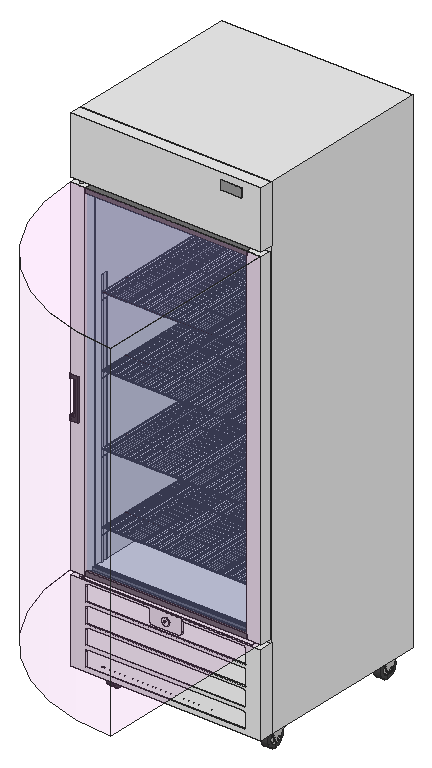
Revit family "QF_Summit_ACR261LH_General_Purpose_Healthcare_All_Refrigerator", category Specialty Equipment, Revit 2020
Family settings
  Round Connector Dimension = Use Diameter
  Part Type = Normal
  Work Plane-Based = No
  Always vertical = Yes
  Cut with Voids When Loaded = No
  Shared = No
  Room Calculation Point = No
Parameters
  Weight in Pounds = 280
  Watts = if(Phase = 3, Volts * FL Amps * 1.73, Volts * FL Amps)  # 368 W
  Volts = 115 V
  URL Cutsheet = ""
  Specification by User = ""
  Specification by Manufacturer = ""
  Show RHD [instance] = yes
  Show LHD [instance] = not(Show RHD)  # no
  Show Clearance [instance] = yes
  Serial Number = ""
  Seismic Rating = ""
  SMACNA No = ""
  Revision Code = ""
  Phase = 1
  Number of Poles = 1
  NAFEM Spec ID Number = ""
  Model = "ACR261LH"
  Min Ckt Ampacity = 0 A
  Max Overcurrent Protection = 0 A
  Masterspec = ""
  Manufacturer = "Summit"
  Length = 29 7/8"
  Item Number = ""
  Installed By = ""
  Identify Quantity as Lot = yes
  Height = 81 3/4"
  HP = ""
  Furnished By = ""
  Foodservice Equipment Identifier = yes
  FL Amps = 3.2 A
  Electrical Remarks = ""
  Electric Connection Type = ""
  Elec Conn RI Height = 0"
  Elec Conn Connection Height = 0"
  Description = "General Purpose Healthcare All-Refrigerator"
  Depth = 29 5/8"
  Default Elevation = 0"
  Cycle = 60 Hz
  Conn Plug = ""
  Conn Conduit = yes
  CSI MasterFormat = ""
  Apparent Power = if(Phase = 3, Volts * FL Amps * 1.73, Volts * FL Amps)  # 368 VA
Reference planes (in)
  plane 1 "BACK": y = 0
  plane 2: z = 0
  plane 3 "LEFT": x = 0
  plane 4 "RIGHT": x = 29.875
  plane 5 "FRONT": y = -29.625
  plane 6 "TOP": z = 81.75
  plane 7 "Center Y": x = 14.9375
  plane 8 "Center X": y = -14.8125
  plane 9: y = -59
  plane 10 "Base Height": z = 3.75
  plane 11: y = 0.75
  plane 12: z = 72.75
  plane 13: z = 17
  plane 14: y = -27.625
  plane 15: z = 72.125
  plane 16: z = 17.625
  plane 17 "BACK": y = 0
  plane 18 "LEFT": x = 0
  plane 19 "RIGHT": x = 29.875
  plane 20 "Center Y": x = 14.9375
  plane 21 "Center X": y = -14.8125
  plane 22: y = -27.625
  plane 23: z = 17.625
Forms (in)
  Extrusion 1, solid, material "QF_Metallic_Paint_White_Smooth"
    sketch origin (0, 0, 3.75) x (-1, 0, 0) y (0, -1, 0)
      loop
        line (0, 0) -> (0, 27.6285) -> (-29.875, 27.6285) -> (-29.875, 0) -> (0, 0)
    from 0.5 to 14.625
  Extrusion 2, solid, material "QF_Metallic_Paint_White_Smooth"
    sketch origin (0, 0, 18.375) x (-1, 0, 0) y (0, -1, 0)
      loop
        line (0, 0) -> (0, 27.6285) -> (-2.3125, 27.6285) -> (-2.3125, 2.625) -> (-27.5625, 2.625) -> (-27.5625, 27.6285) -> (-29.875, 27.6285) -> (-29.875, 0) -> (0, 0)
    from 0 to 63.375
  Extrusion 3, solid, material "QF_Metallic_Paint_White_Smooth"
    sketch origin (27.5625, -27.6285, 72.125) x (1, 0, 0) y (0, 1, 0)
      loop
        line (-27.5625, 0.0035) -> (-27.5625, -1.9965) -> (2.3125, -1.9965) -> (2.3125, 0.0035) -> (-27.5625, 0.0035)
    from 0.625 to 9.625
  Extrusion 4, solid, material "QF_Metallic_Paint_White_Smooth"
    sketch origin (29.875, -27.6285, 3.75) x (-1, 0, 0) y (0, 0, -1)
      loop
        line (29.875, -13.25) -> (29.875, -0.5) -> (28.25, -0.5) -> (28.25, -13.25) -> (29.875, -13.25)
      loop
        line (0, -0.5) -> (0, -13.25) -> (1.625, -13.25) -> (1.625, -0.5) -> (0, -0.5)
    from 0 to 1.9965
  Extrusion 5, solid, material "QF_Metallic_Paint_White_Smooth"
    sketch origin (1.625, -27.6285, 17) x (0, 0, -1) y (0, 1, 0)
      loop
        line (0, -1.7465) -> (0.3125, -1.7465) -> (0.3125, -0.9965) -> (2.9375, -1.7465) -> (2.9375, -0.9965) -> (6, -1.7465) -> (6, -0.9965) -> (9.0625, -1.7465) -> (9.0625, -0.9965) -> (12.125, -1.7465) -> (12.75, -1.7465) -> (12.75, 0) -> (0, 0) -> (0, -1.7465)
    from 0 to 26.625
  Extrusion 6, solid, material "QF_Metallic_Paint_White_Smooth", visible <- "Show LHD"
    sketch origin (0, -27.6285, 18.375) x (1, 0, 0) y (0, 0, 1)
      loop
        line (0, 53.75) -> (0, -0.75) -> (2.3125, -0.75) -> (2.3125, 53.75) -> (0, 53.75)
      loop
        line (29.875, -0.75) -> (29.875, 53.75) -> (27.5625, 53.75) -> (27.5625, -0.75) -> (29.875, -0.75)
    from 0.3665 to 1.9965
  Extrusion 7, solid, material "QF_Rubber_Black_Smooth"
    sketch origin (0, -27.6285, 18.375) x (1, 0, 0) y (0, 0, 1)
      loop
        line (0.375, 53.375) -> (0.375, -0.375) -> (29.5, -0.375) -> (29.5, 53.375) -> (0.375, 53.375)
      loop
        line (0.75, 53) -> (0.75, 0) -> (29.125, 0) -> (29.125, 53) -> (0.75, 53)
    from 0 to 0.3665
  Extrusion 8, solid, material "Glass"
    sketch origin (0, -29.625, 18.375) x (1, 0, 0) y (0, 0, 1)
      loop
        line (2.3125, -0.375) -> (27.5625, -0.375) -> (27.5625, 53.375) -> (2.3125, 53.375) -> (2.3125, -0.375)
    from -0.375 to -1.255
  Extrusion 9, solid
    sketch origin (29.875, 0, 18.375) x (-1, 0, 0) y (0, 0, 1)
      loop
        circle (3.36372, -13.78099) r 0.25
    from 0 to 0.0625
  Extrusion 10, void
    sketch origin (0, -29.625, 18.375) x (1, 0, 0) y (0, 0, 1)
      loop
        line (30.16176, 26.29207) -> (29, 26.29207) -> (29, 21) -> (30.16176, 21) -> (30.16176, 26.29207)
    from -0.875 to 0.3741
  Extrusion 11, solid, material "QF_Clearances_Door_Drawer", visible <- "Show LHD"
    sketch origin (29.875, -27.6285, 17.625) x (0, 1, 0) y (1, 0, 0)
      loop
        arc (-1.9965, -0.00418) -> (-22.79736, -8.92771) -> (-31.3715, -29.875) r 29.875
        line (-31.3715, -29.875) -> (-1.9965, -29.875) -> (-1.9965, -0.00418)
    from 0 to -54.5
  Extrusion 12, solid, material "QF_Metallic_Paint_White_Smooth"
    sketch origin (29.875, -29.625, 3.75) x (-1, 0, 0) y (0, 0, -1)
      loop
        line (28.25, -13.25) -> (28.25, -0.5) -> (1.625, -0.5) -> (1.625, -13.25) -> (28.25, -13.25)
      loop
        line (12.4375, -12.9375) -> (12.4375, -11.25)
        arc (12.4375, -11.25) -> (12.58395, -10.89645) -> (12.9375, -10.75) r 0.5
        line (12.9375, -10.75) -> (16.9375, -10.75)
        arc (16.9375, -10.75) -> (17.29105, -10.89645) -> (17.4375, -11.25) r 0.5
        line (17.4375, -11.25) -> (17.4375, -12.9375) -> (27, -12.9375)
        arc (27, -12.9375) -> (27.35355, -12.79105) -> (27.5, -12.4375) r 0.5
        line (27.5, -12.4375) -> (27.5, -10.3125) -> (2.375, -10.3125) -> (2.375, -12.4375)
        arc (2.375, -12.4375) -> (2.52145, -12.79105) -> (2.875, -12.9375) r 0.5
        line (2.875, -12.9375) -> (12.4375, -12.9375)
      loop
        line (2.875, -9.875) -> (27, -9.875)
        arc (27, -9.875) -> (27.35355, -9.72855) -> (27.5, -9.375) r 0.5
        line (27.5, -9.375) -> (27.5, -7.25) -> (2.375, -7.25) -> (2.375, -9.375)
        arc (2.375, -9.375) -> (2.52145, -9.72855) -> (2.875, -9.875) r 0.5
      loop
        line (2.875, -6.8125) -> (27, -6.8125)
        arc (27, -6.8125) -> (27.35355, -6.66605) -> (27.5, -6.3125) r 0.5
        line (27.5, -6.3125) -> (27.5, -4.1875) -> (2.375, -4.1875) -> (2.375, -6.3125)
        arc (2.375, -6.3125) -> (2.52145, -6.66605) -> (2.875, -6.8125) r 0.5
      loop
        line (2.875, -3.75) -> (27, -3.75)
        arc (27, -3.75) -> (27.35355, -3.60355) -> (27.5, -3.25) r 0.5
        line (27.5, -3.25) -> (27.5, -1.125) -> (2.375, -1.125) -> (2.375, -3.25)
        arc (2.375, -3.25) -> (2.52145, -3.60355) -> (2.875, -3.75) r 0.5
    from 0 to -0.25
  Extrusion 13, solid, material "QF_Metallic_Paint_White_Smooth"
    sketch origin (2.3125, -2.625, 18.375) x (1, 0, 0) y (0, 0, 1)
      loop
        line (25.25, 62) -> (25.25, 63.375) -> (0, 63.375) -> (0, 62) -> (25.25, 62)
    from 0 to 25.0035
  Extrusion 14, solid, material "QF_Metallic_Paint_White_Smooth"
    sketch origin (29.875, -29.625, 3.75) x (-1, 0, 0) y (0, 0, -1)
      loop
        circle (14.9375, -11.92271) r 0.5625
      loop
        circle (14.9375, -11.92271) r 0.1875
    from 0 to 0.0625
  Extrusion 15, solid, material "QF_Metal - Stainless - Polished"
    sketch origin (35.78364, 0, 18.375) x (-1, 0, 0) y (0, 0, 1)
      loop
        line (15.65864, -1.6875) -> (13.90864, -1.6875) -> (13.90864, -3.4375) -> (15.65864, -3.4375) -> (15.65864, -1.6875)
    from 0 to 0.75
  Extrusion 16, solid, material "QF_Metallic_Paint_White_Smooth"
    sketch origin (0, 0, 4.25) x (0, -1, 0) y (-1, 0, 0)
      loop
        line (1, -1) -> (1, -28.875) -> (26.6285, -28.875) -> (26.6285, -1) -> (1, -1)
    from 0 to 0.5
  Revolve 17, solid, material "QF_Metal - Stainless - Polished"
    sketch origin (0, -28.81, 0) x (1, 0, 0) y (0, 0, 1)
      loop
        line (1.15625, 72.125) -> (1.15625, 72.75) -> (0.90625, 72.75) -> (0.90625, 72.125) -> (1.15625, 72.125)
      axis (1.15625, 72.75) -> (1.15625, 72.125)
    angle from 0 to 360
  Revolve 18, solid, material "QF_Metal - Stainless - Polished"
    sketch origin (0, -28.81, 89.75) x (1, 0, 0) y (0, 0, 1)
      loop
        line (1.15625, -72.125) -> (0.90625, -72.125) -> (0.90625, -72.75) -> (1.15625, -72.75) -> (1.15625, -72.125)
      axis (1.15625, -72.75) -> (1.15625, -72.125)
    angle from 0 to 360
  Extrusion 19, solid, material "QF_Metal_Black", visible <- "Show LHD"
    sketch origin (0, 0, 3.75) x (-1, 0, 0) y (0, -1, 0)
      loop
        line (-30, 28.25) -> (-29.875, 28.25) -> (-29.875, 29.5)
        arc (-29.875, 29.5) -> (-29.83839, 29.58839) -> (-29.75, 29.625) r 0.125
        line (-29.75, 29.625) -> (-28.568, 29.625) -> (-28.568, 29.75) -> (-29.75, 29.75)
        arc (-29.75, 29.75) -> (-29.92678, 29.67678) -> (-30, 29.5) r 0.25
        line (-30, 29.5) -> (-30, 28.25)
    from 35 to 41.5
  Extrusion 20, solid, material "QF_Rubber_Black_Smooth"
    sketch origin (2.3125, -27.6285, 17.625) x (0, 0, 1) y (0, -1, 0)
      loop
        line (0, 1.9965) -> (0, 0.3665) -> (0.75, 0.3665) -> (0.75, 0.7415) -> (0.375, 0.7415) -> (0.375, 1.6215) -> (0.75, 1.6215) -> (0.75, 1.9965) -> (0, 1.9965)
      loop
        line (54.5, 1.9965) -> (53.75, 1.9965) -> (53.75, 1.6215) -> (54.125, 1.6215) -> (54.125, 0.7415) -> (53.75, 0.7415) -> (53.75, 0.3665) -> (54.5, 0.3665) -> (54.5, 1.9965)
    from 0 to 25.25
  Extrusion 21, solid, material "QF_Plastic_Gray"
    sketch origin (29.875, -29.625, 72.125) x (-1, 0, 0) y (0, 0, -1)
      loop
        arc (3.11, -7.18125) -> (3.03222, -7.21347) -> (3, -7.29125) r 0.11
        line (3, -7.29125) -> (3, -8.515)
        arc (3, -8.515) -> (3.03222, -8.59278) -> (3.11, -8.625) r 0.11
        line (3.11, -8.625) -> (6.19, -8.625)
        arc (6.19, -8.625) -> (6.26778, -8.59278) -> (6.3, -8.515) r 0.11
        line (6.3, -8.515) -> (6.3, -7.29125)
        arc (6.3, -7.29125) -> (6.26778, -7.21347) -> (6.19, -7.18125) r 0.11
        line (6.19, -7.18125) -> (3.11, -7.18125)
    from 0 to 0.0625
  Extrusion 22, solid, material "QF_Metal - Stainless - Polished"
    sketch origin (0, 0, 18.375) x (-1, 0, 0) y (0, -1, 0)
      loop
        line (-2.3125, 26.6285) -> (-2.5625, 26.6285) -> (-2.5625, 26.5035) -> (-2.4375, 26.5035) -> (-2.4375, 25.7535) -> (-2.5625, 25.7535) -> (-2.5625, 25.6285) -> (-2.3125, 25.6285) -> (-2.3125, 26.6285)
      loop
        line (-2.3125, 3.625) -> (-2.3125, 4.625) -> (-2.5625, 4.625) -> (-2.5625, 4.5) -> (-2.4375, 4.5) -> (-2.4375, 3.75) -> (-2.5625, 3.75) -> (-2.5625, 3.625) -> (-2.3125, 3.625)
      loop
        line (-27.5625, 26.6285) -> (-27.5625, 25.6285) -> (-27.3125, 25.6285) -> (-27.3125, 25.7535) -> (-27.4375, 25.7535) -> (-27.4375, 26.5035) -> (-27.3125, 26.5035) -> (-27.3125, 26.6285) -> (-27.5625, 26.6285)
      loop
        line (-27.5625, 3.625) -> (-27.3125, 3.625) -> (-27.3125, 3.75) -> (-27.4375, 3.75) -> (-27.4375, 4.5) -> (-27.3125, 4.5) -> (-27.3125, 4.625) -> (-27.5625, 4.625) -> (-27.5625, 3.625)
    from 0 to 40.19271
  Extrusion 23, solid, material "QF_Metal - Stainless - Polished"
    sketch origin (2.3125, -25.7535, 18.375) x (1, 0, 0) y (0, 0, 1)
      loop
        arc (1.08839, 4.58654) -> (1.11548, 4.6271) -> (1.125, 4.67493) r 0.125
        line (1.125, 4.67493) -> (1.125, 4.79732)
        arc (1.125, 4.79732) -> (1.10669, 4.84152) -> (1.0625, 4.85982) r 0.0625
        line (1.0625, 4.85982) -> (0.125, 4.85982) -> (0.125, 3.62316) -> (1.08839, 4.58654)
      loop
        arc (1.08839, 15.59364) -> (1.11548, 15.6342) -> (1.125, 15.68203) r 0.125
        line (1.125, 15.68203) -> (1.125, 15.80442)
        arc (1.125, 15.80442) -> (1.10669, 15.84861) -> (1.0625, 15.86692) r 0.0625
        line (1.0625, 15.86692) -> (0.125, 15.86692) -> (0.125, 14.63025) -> (1.08839, 15.59364)
      loop
        arc (1.08839, 26.59607) -> (1.11548, 26.63662) -> (1.125, 26.68446) r 0.125
        line (1.125, 26.68446) -> (1.125, 26.80685)
        arc (1.125, 26.80685) -> (1.10669, 26.85104) -> (1.0625, 26.86935) r 0.0625
        line (1.0625, 26.86935) -> (0.125, 26.86935) -> (0.125, 25.63268) -> (1.08839, 26.59607)
      loop
        arc (1.08839, 37.59607) -> (1.11548, 37.63662) -> (1.125, 37.68446) r 0.125
        line (1.125, 37.68446) -> (1.125, 37.80685)
        arc (1.125, 37.80685) -> (1.10669, 37.85104) -> (1.0625, 37.86935) r 0.0625
        line (1.0625, 37.86935) -> (0.125, 37.86935) -> (0.125, 36.63268) -> (1.08839, 37.59607)
      loop
        line (24.16161, 4.58654) -> (25.125, 3.62316) -> (25.125, 4.85982) -> (24.1875, 4.85982)
        arc (24.1875, 4.85982) -> (24.14331, 4.84152) -> (24.125, 4.79732) r 0.0625
        line (24.125, 4.79732) -> (24.125, 4.67493)
        arc (24.125, 4.67493) -> (24.13452, 4.6271) -> (24.16161, 4.58654) r 0.125
      loop
        line (24.16161, 15.59364) -> (25.125, 14.63025) -> (25.125, 15.86692) -> (24.1875, 15.86692)
        arc (24.1875, 15.86692) -> (24.14331, 15.84861) -> (24.125, 15.80442) r 0.0625
        line (24.125, 15.80442) -> (24.125, 15.68203)
        arc (24.125, 15.68203) -> (24.13452, 15.6342) -> (24.16161, 15.59364) r 0.125
      loop
        line (24.16161, 26.59607) -> (25.125, 25.63268) -> (25.125, 26.86935) -> (24.1875, 26.86935)
        arc (24.1875, 26.86935) -> (24.14331, 26.85104) -> (24.125, 26.80685) r 0.0625
        line (24.125, 26.80685) -> (24.125, 26.68446)
        arc (24.125, 26.68446) -> (24.13452, 26.63662) -> (24.16161, 26.59607) r 0.125
      loop
        line (24.16161, 37.59607) -> (25.125, 36.63268) -> (25.125, 37.86935) -> (24.1875, 37.86935)
        arc (24.1875, 37.86935) -> (24.14331, 37.85104) -> (24.125, 37.80685) r 0.0625
        line (24.125, 37.80685) -> (24.125, 37.68446)
        arc (24.125, 37.68446) -> (24.13452, 37.63662) -> (24.16161, 37.59607) r 0.125
    from 0 to 0.75
  Extrusion 24, solid, material "QF_Metal - Stainless - Polished"
    sketch origin (2.3125, -3.75, 18.375) x (1, 0, 0) y (0, 0, 1)
      loop
        arc (1.08839, 4.58654) -> (1.11548, 4.6271) -> (1.125, 4.67493) r 0.125
        line (1.125, 4.67493) -> (1.125, 4.79732)
        arc (1.125, 4.79732) -> (1.10669, 4.84152) -> (1.0625, 4.85982) r 0.0625
        line (1.0625, 4.85982) -> (0.125, 4.85982) -> (0.125, 3.62316) -> (1.08839, 4.58654)
      loop
        arc (1.08839, 15.59364) -> (1.11548, 15.6342) -> (1.125, 15.68203) r 0.125
        line (1.125, 15.68203) -> (1.125, 15.80442)
        arc (1.125, 15.80442) -> (1.10669, 15.84861) -> (1.0625, 15.86692) r 0.0625
        line (1.0625, 15.86692) -> (0.125, 15.86692) -> (0.125, 14.63025) -> (1.08839, 15.59364)
      loop
        arc (1.08839, 26.59607) -> (1.11548, 26.63662) -> (1.125, 26.68446) r 0.125
        line (1.125, 26.68446) -> (1.125, 26.80685)
        arc (1.125, 26.80685) -> (1.10669, 26.85104) -> (1.0625, 26.86935) r 0.0625
        line (1.0625, 26.86935) -> (0.125, 26.86935) -> (0.125, 25.63268) -> (1.08839, 26.59607)
      loop
        arc (1.08839, 37.59607) -> (1.11548, 37.63662) -> (1.125, 37.68446) r 0.125
        line (1.125, 37.68446) -> (1.125, 37.80685)
        arc (1.125, 37.80685) -> (1.10669, 37.85104) -> (1.0625, 37.86935) r 0.0625
        line (1.0625, 37.86935) -> (0.125, 37.86935) -> (0.125, 36.63268) -> (1.08839, 37.59607)
      loop
        line (24.16161, 4.58654) -> (25.125, 3.62316) -> (25.125, 4.85982) -> (24.1875, 4.85982)
        arc (24.1875, 4.85982) -> (24.14331, 4.84152) -> (24.125, 4.79732) r 0.0625
        line (24.125, 4.79732) -> (24.125, 4.67493)
        arc (24.125, 4.67493) -> (24.13452, 4.6271) -> (24.16161, 4.58654) r 0.125
      loop
        line (24.16161, 15.59364) -> (25.125, 14.63025) -> (25.125, 15.86692) -> (24.1875, 15.86692)
        arc (24.1875, 15.86692) -> (24.14331, 15.84861) -> (24.125, 15.80442) r 0.0625
        line (24.125, 15.80442) -> (24.125, 15.68203)
        arc (24.125, 15.68203) -> (24.13452, 15.6342) -> (24.16161, 15.59364) r 0.125
      loop
        line (24.16161, 26.59607) -> (25.125, 25.63268) -> (25.125, 26.86935) -> (24.1875, 26.86935)
        arc (24.1875, 26.86935) -> (24.14331, 26.85104) -> (24.125, 26.80685) r 0.0625
        line (24.125, 26.80685) -> (24.125, 26.68446)
        arc (24.125, 26.68446) -> (24.13452, 26.63662) -> (24.16161, 26.59607) r 0.125
      loop
        line (24.16161, 37.59607) -> (25.125, 36.63268) -> (25.125, 37.86935) -> (24.1875, 37.86935)
        arc (24.1875, 37.86935) -> (24.14331, 37.85104) -> (24.125, 37.80685) r 0.0625
        line (24.125, 37.80685) -> (24.125, 37.68446)
        arc (24.125, 37.68446) -> (24.13452, 37.63662) -> (24.16161, 37.59607) r 0.125
    from 0 to 0.75
  Extrusion 25, solid, material "QF_Metal - Stainless - Polished", not visible
    sketch origin (0, 0, 18.375) x (-1, 0, 0) y (0, -1, 0)
      loop
        line (-2.3125, 26.6285) -> (-2.5625, 26.6285) -> (-2.5625, 26.5035) -> (-2.4375, 26.5035) -> (-2.4375, 25.7535) -> (-2.5625, 25.7535) -> (-2.5625, 25.6285) -> (-2.3125, 25.6285) -> (-2.3125, 26.6285)
      loop
        line (-2.3125, 3.625) -> (-2.3125, 4.625) -> (-2.5625, 4.625) -> (-2.5625, 4.5) -> (-2.4375, 4.5) -> (-2.4375, 3.75) -> (-2.5625, 3.75) -> (-2.5625, 3.625) -> (-2.3125, 3.625)
      loop
        line (-27.5625, 26.6285) -> (-27.5625, 25.6285) -> (-27.3125, 25.6285) -> (-27.3125, 25.7535) -> (-27.4375, 25.7535) -> (-27.4375, 26.5035) -> (-27.3125, 26.5035) -> (-27.3125, 26.6285) -> (-27.5625, 26.6285)
      loop
        line (-27.5625, 3.625) -> (-27.3125, 3.625) -> (-27.3125, 3.75) -> (-27.4375, 3.75) -> (-27.4375, 4.5) -> (-27.3125, 4.5) -> (-27.3125, 4.625) -> (-27.5625, 4.625) -> (-27.5625, 3.625)
    from 0 to 40.19271
  Extrusion 26, solid, material "QF_Metal - Stainless - Polished", not visible
    sketch origin (2.3125, -25.7535, 18.375) x (1, 0, 0) y (0, 0, 1)
      loop
        arc (1.08839, 4.58654) -> (1.11548, 4.6271) -> (1.125, 4.67493) r 0.125
        line (1.125, 4.67493) -> (1.125, 4.79732)
        arc (1.125, 4.79732) -> (1.10669, 4.84152) -> (1.0625, 4.85982) r 0.0625
        line (1.0625, 4.85982) -> (0.125, 4.85982) -> (0.125, 3.62316) -> (1.08839, 4.58654)
      loop
        arc (1.08839, 15.59364) -> (1.11548, 15.6342) -> (1.125, 15.68203) r 0.125
        line (1.125, 15.68203) -> (1.125, 15.80442)
        arc (1.125, 15.80442) -> (1.10669, 15.84861) -> (1.0625, 15.86692) r 0.0625
        line (1.0625, 15.86692) -> (0.125, 15.86692) -> (0.125, 14.63025) -> (1.08839, 15.59364)
      loop
        arc (1.08839, 26.59607) -> (1.11548, 26.63662) -> (1.125, 26.68446) r 0.125
        line (1.125, 26.68446) -> (1.125, 26.80685)
        arc (1.125, 26.80685) -> (1.10669, 26.85104) -> (1.0625, 26.86935) r 0.0625
        line (1.0625, 26.86935) -> (0.125, 26.86935) -> (0.125, 25.63268) -> (1.08839, 26.59607)
      loop
        arc (1.08839, 37.59607) -> (1.11548, 37.63662) -> (1.125, 37.68446) r 0.125
        line (1.125, 37.68446) -> (1.125, 37.80685)
        arc (1.125, 37.80685) -> (1.10669, 37.85104) -> (1.0625, 37.86935) r 0.0625
        line (1.0625, 37.86935) -> (0.125, 37.86935) -> (0.125, 36.63268) -> (1.08839, 37.59607)
      loop
        line (24.16161, 4.58654) -> (25.125, 3.62316) -> (25.125, 4.85982) -> (24.1875, 4.85982)
        arc (24.1875, 4.85982) -> (24.14331, 4.84152) -> (24.125, 4.79732) r 0.0625
        line (24.125, 4.79732) -> (24.125, 4.67493)
        arc (24.125, 4.67493) -> (24.13452, 4.6271) -> (24.16161, 4.58654) r 0.125
      loop
        line (24.16161, 15.59364) -> (25.125, 14.63025) -> (25.125, 15.86692) -> (24.1875, 15.86692)
        arc (24.1875, 15.86692) -> (24.14331, 15.84861) -> (24.125, 15.80442) r 0.0625
        line (24.125, 15.80442) -> (24.125, 15.68203)
        arc (24.125, 15.68203) -> (24.13452, 15.6342) -> (24.16161, 15.59364) r 0.125
      loop
        line (24.16161, 26.59607) -> (25.125, 25.63268) -> (25.125, 26.86935) -> (24.1875, 26.86935)
        arc (24.1875, 26.86935) -> (24.14331, 26.85104) -> (24.125, 26.80685) r 0.0625
        line (24.125, 26.80685) -> (24.125, 26.68446)
        arc (24.125, 26.68446) -> (24.13452, 26.63662) -> (24.16161, 26.59607) r 0.125
      loop
        line (24.16161, 37.59607) -> (25.125, 36.63268) -> (25.125, 37.86935) -> (24.1875, 37.86935)
        arc (24.1875, 37.86935) -> (24.14331, 37.85104) -> (24.125, 37.80685) r 0.0625
        line (24.125, 37.80685) -> (24.125, 37.68446)
        arc (24.125, 37.68446) -> (24.13452, 37.63662) -> (24.16161, 37.59607) r 0.125
    from 0 to 0.75
  Extrusion 27, solid, material "QF_Metal - Stainless - Polished", not visible
    sketch origin (2.3125, -3.75, 18.375) x (1, 0, 0) y (0, 0, 1)
      loop
        arc (1.08839, 4.58654) -> (1.11548, 4.6271) -> (1.125, 4.67493) r 0.125
        line (1.125, 4.67493) -> (1.125, 4.79732)
        arc (1.125, 4.79732) -> (1.10669, 4.84152) -> (1.0625, 4.85982) r 0.0625
        line (1.0625, 4.85982) -> (0.125, 4.85982) -> (0.125, 3.62316) -> (1.08839, 4.58654)
      loop
        arc (1.08839, 15.59364) -> (1.11548, 15.6342) -> (1.125, 15.68203) r 0.125
        line (1.125, 15.68203) -> (1.125, 15.80442)
        arc (1.125, 15.80442) -> (1.10669, 15.84861) -> (1.0625, 15.86692) r 0.0625
        line (1.0625, 15.86692) -> (0.125, 15.86692) -> (0.125, 14.63025) -> (1.08839, 15.59364)
      loop
        arc (1.08839, 26.59607) -> (1.11548, 26.63662) -> (1.125, 26.68446) r 0.125
        line (1.125, 26.68446) -> (1.125, 26.80685)
        arc (1.125, 26.80685) -> (1.10669, 26.85104) -> (1.0625, 26.86935) r 0.0625
        line (1.0625, 26.86935) -> (0.125, 26.86935) -> (0.125, 25.63268) -> (1.08839, 26.59607)
      loop
        arc (1.08839, 37.59607) -> (1.11548, 37.63662) -> (1.125, 37.68446) r 0.125
        line (1.125, 37.68446) -> (1.125, 37.80685)
        arc (1.125, 37.80685) -> (1.10669, 37.85104) -> (1.0625, 37.86935) r 0.0625
        line (1.0625, 37.86935) -> (0.125, 37.86935) -> (0.125, 36.63268) -> (1.08839, 37.59607)
      loop
        line (24.16161, 4.58654) -> (25.125, 3.62316) -> (25.125, 4.85982) -> (24.1875, 4.85982)
        arc (24.1875, 4.85982) -> (24.14331, 4.84152) -> (24.125, 4.79732) r 0.0625
        line (24.125, 4.79732) -> (24.125, 4.67493)
        arc (24.125, 4.67493) -> (24.13452, 4.6271) -> (24.16161, 4.58654) r 0.125
      loop
        line (24.16161, 15.59364) -> (25.125, 14.63025) -> (25.125, 15.86692) -> (24.1875, 15.86692)
        arc (24.1875, 15.86692) -> (24.14331, 15.84861) -> (24.125, 15.80442) r 0.0625
        line (24.125, 15.80442) -> (24.125, 15.68203)
        arc (24.125, 15.68203) -> (24.13452, 15.6342) -> (24.16161, 15.59364) r 0.125
      loop
        line (24.16161, 26.59607) -> (25.125, 25.63268) -> (25.125, 26.86935) -> (24.1875, 26.86935)
        arc (24.1875, 26.86935) -> (24.14331, 26.85104) -> (24.125, 26.80685) r 0.0625
        line (24.125, 26.80685) -> (24.125, 26.68446)
        arc (24.125, 26.68446) -> (24.13452, 26.63662) -> (24.16161, 26.59607) r 0.125
      loop
        line (24.16161, 37.59607) -> (25.125, 36.63268) -> (25.125, 37.86935) -> (24.1875, 37.86935)
        arc (24.1875, 37.86935) -> (24.14331, 37.85104) -> (24.125, 37.80685) r 0.0625
        line (24.125, 37.80685) -> (24.125, 37.68446)
        arc (24.125, 37.68446) -> (24.13452, 37.63662) -> (24.16161, 37.59607) r 0.125
    from 0 to 0.75
  Extrusion 28, solid, material "QF_Metallic_Paint_White_Smooth", visible <- "Show RHD"
    sketch origin (29.875, -27.6285, 18.375) x (-1, 0, 0) y (0, 0, -1)
      loop
        line (0, -53.75) -> (2.3125, -53.75) -> (2.3125, 0.75) -> (0, 0.75) -> (0, -53.75)
      loop
        line (29.875, 0.75) -> (27.5625, 0.75) -> (27.5625, -53.75) -> (29.875, -53.75) -> (29.875, 0.75)
    from 0.3665 to 1.9965
  Extrusion 29, void
    sketch origin (29.875, -29.625, 18.375) x (-1, 0, 0) y (0, 0, -1)
      loop
        line (30.16176, -26.29207) -> (30.16176, -21) -> (29, -21) -> (29, -26.29207) -> (30.16176, -26.29207)
    from -0.875 to 0.3741
  Extrusion 30, solid, material "QF_Clearances_Door_Drawer", visible <- "Show RHD"
    sketch origin (0, -27.6285, 17.625) x (0, -1, 0) y (-1, 0, 0)
      loop
        line (1.9965, -0.00418) -> (1.9965, -29.875) -> (31.3715, -29.875)
        arc (31.3715, -29.875) -> (22.79736, -8.92771) -> (1.9965, -0.00418) r 29.875
    from 0 to -54.5
  Extrusion 31, solid, material "QF_Metal_Black", visible <- "Show RHD"
    sketch origin (29.875, 0, 3.75) x (1, 0, 0) y (0, 1, 0)
      loop
        line (-30, -28.25) -> (-30, -29.5)
        arc (-30, -29.5) -> (-29.92678, -29.67678) -> (-29.75, -29.75) r 0.25
        line (-29.75, -29.75) -> (-28.568, -29.75) -> (-28.568, -29.625) -> (-29.75, -29.625)
        arc (-29.75, -29.625) -> (-29.83839, -29.58839) -> (-29.875, -29.5) r 0.125
        line (-29.875, -29.5) -> (-29.875, -28.25) -> (-30, -28.25)
    from 35 to 41.5
  Sweep 32, solid
    path origin (0, 0, 3.75) x (-1, 0, 0) y (0, -1, 0)
      loop
        line (-2.5625, 26.6285) -> (-27.3125, 26.6285)
        arc (-27.3125, 26.6285) -> (-27.48928, 26.55528) -> (-27.5625, 26.3785) r 0.25
        line (-27.5625, 26.3785) -> (-27.5625, 3.6285)
        arc (-27.5625, 3.6285) -> (-27.48928, 3.45172) -> (-27.3125, 3.3785) r 0.25
        line (-27.3125, 3.3785) -> (-2.5625, 3.3785)
        arc (-2.5625, 3.3785) -> (-2.38572, 3.45172) -> (-2.3125, 3.6285) r 0.25
        line (-2.3125, 3.6285) -> (-2.3125, 26.3785)
        arc (-2.3125, 26.3785) -> (-2.38572, 26.55528) -> (-2.5625, 26.6285) r 0.25
    profile origin (14.9375, -26.6285, 3.75) x (0, 1, 0) y (0, 0, 1)
      loop
        circle (0, 0) r 0.0625
  Sweep 33, solid, material "QF_Metallic_Paint_White_Smooth"
    path origin (0, 0, 23.29732) x (-1, 0, 0) y (0, -1, 0)
      loop
        line (-2.875, 26.6285) -> (-27, 26.6285)
        arc (-27, 26.6285) -> (-27.17678, 26.55528) -> (-27.25, 26.3785) r 0.25
        line (-27.25, 26.3785) -> (-27.25, 3.6285)
        arc (-27.25, 3.6285) -> (-27.17678, 3.45172) -> (-27, 3.3785) r 0.25
        line (-27, 3.3785) -> (-2.875, 3.3785)
        arc (-2.875, 3.3785) -> (-2.69822, 3.45172) -> (-2.625, 3.6285) r 0.25
        line (-2.625, 3.6285) -> (-2.625, 26.3785)
        arc (-2.625, 26.3785) -> (-2.69822, 26.55528) -> (-2.875, 26.6285) r 0.25
    profile origin (14.9375, -26.6285, 23.29732) x (0, 1, 0) y (0, 0, 1)
      loop
        circle (0, 0) r 0.0625
  Extrusion 34, solid, material "QF_Metallic_Paint_White_Smooth"
    sketch origin (-10.88143, -14.8125, 48) x (-1, 0, 0) y (0, 0, 1)
      loop
        circle (-25.81893, -24.70268) r 0.0625
      loop
        circle (-25.44393, -24.70268) r 0.0625
      loop
        circle (-25.06893, -24.70268) r 0.0625
      loop
        circle (-24.69393, -24.70268) r 0.0625
      loop
        circle (-24.31893, -24.70268) r 0.0625
      loop
        circle (-23.94393, -24.70268) r 0.0625
      loop
        circle (-23.56893, -24.70268) r 0.0625
      loop
        circle (-23.19393, -24.70268) r 0.0625
      loop
        circle (-22.81893, -24.70268) r 0.0625
      loop
        circle (-22.44393, -24.70268) r 0.0625
      loop
        circle (-22.06893, -24.70268) r 0.0625
      loop
        circle (-21.69393, -24.70268) r 0.0625
      loop
        circle (-21.31893, -24.70268) r 0.0625
      loop
        circle (-20.94393, -24.70268) r 0.0625
      loop
        circle (-20.56893, -24.70268) r 0.0625
      loop
        circle (-20.19393, -24.70268) r 0.0625
      loop
        circle (-19.81893, -24.70268) r 0.0625
      loop
        circle (-19.44393, -24.70268) r 0.0625
      loop
        circle (-19.06893, -24.70268) r 0.0625
      loop
        circle (-18.69393, -24.70268) r 0.0625
      loop
        circle (-18.31893, -24.70268) r 0.0625
      loop
        circle (-17.94393, -24.70268) r 0.0625
      loop
        circle (-17.56893, -24.70268) r 0.0625
      loop
        circle (-17.19393, -24.70268) r 0.0625
      loop
        circle (-16.81893, -24.70268) r 0.0625
      loop
        circle (-16.44393, -24.70268) r 0.0625
      loop
        circle (-16.06893, -24.70268) r 0.0625
      loop
        circle (-15.69393, -24.70268) r 0.0625
      loop
        circle (-15.31893, -24.70268) r 0.0625
      loop
        circle (-14.94393, -24.70268) r 0.0625
      loop
        circle (-14.56893, -24.70268) r 0.0625
      loop
        circle (-14.19393, -24.70268) r 0.0625
      loop
        circle (-13.81893, -24.70268) r 0.0625
      loop
        circle (-26.19393, -24.70268) r 0.0625
      loop
        circle (-26.56893, -24.70268) r 0.0625
      loop
        circle (-26.94393, -24.70268) r 0.0625
      loop
        circle (-27.31893, -24.70268) r 0.0625
      loop
        circle (-27.69393, -24.70268) r 0.0625
      loop
        circle (-28.06893, -24.70268) r 0.0625
      loop
        circle (-28.44393, -24.70268) r 0.0625
      loop
        circle (-28.81893, -24.70268) r 0.0625
      loop
        circle (-29.19393, -24.70268) r 0.0625
      loop
        circle (-29.56893, -24.70268) r 0.0625
      loop
        circle (-29.94393, -24.70268) r 0.0625
      loop
        circle (-30.31893, -24.70268) r 0.0625
      loop
        circle (-30.69393, -24.70268) r 0.0625
      loop
        circle (-31.06893, -24.70268) r 0.0625
      loop
        circle (-31.44393, -24.70268) r 0.0625
      loop
        circle (-31.81893, -24.70268) r 0.0625
      loop
        circle (-32.19393, -24.70268) r 0.0625
      loop
        circle (-32.56893, -24.70268) r 0.0625
      loop
        circle (-32.94393, -24.70268) r 0.0625
      loop
        circle (-33.31893, -24.70268) r 0.0625
      loop
        circle (-33.69393, -24.70268) r 0.0625
      loop
        circle (-34.06893, -24.70268) r 0.0625
      loop
        circle (-34.44393, -24.70268) r 0.0625
      loop
        circle (-34.81893, -24.70268) r 0.0625
      loop
        circle (-35.19393, -24.70268) r 0.0625
      loop
        circle (-35.56893, -24.70268) r 0.0625
      loop
        circle (-35.94393, -24.70268) r 0.0625
      loop
        circle (-36.31893, -24.70268) r 0.0625
      loop
        circle (-36.69393, -24.70268) r 0.0625
      loop
        circle (-37.06893, -24.70268) r 0.0625
      loop
        circle (-37.44393, -24.70268) r 0.0625
      loop
        circle (-37.81893, -24.70268) r 0.0625
    from -11.816 to 11.43367
  Extrusion 35, solid, material "QF_Metallic_Paint_White_Smooth"
    sketch origin (14.9375, 6.90541, 48) x (0, 1, 0) y (0, 0, 1)
      loop
        circle (-21.90907, -24.70268) r 0.0625
      loop
        circle (-28.90907, -24.70268) r 0.0625
      loop
        circle (-14.90907, -24.70268) r 0.0625
    from -12.3125 to 12.31271
  Sweep 36, solid, material "QF_Metallic_Paint_White_Smooth", not visible
    path origin (0, 0, 23.29732) x (-1, 0, 0) y (0, -1, 0)
      loop
        line (-2.875, 26.6285) -> (-27, 26.6285)
        arc (-27, 26.6285) -> (-27.17678, 26.55528) -> (-27.25, 26.3785) r 0.25
        line (-27.25, 26.3785) -> (-27.25, 3.6285)
        arc (-27.25, 3.6285) -> (-27.17678, 3.45172) -> (-27, 3.3785) r 0.25
        line (-27, 3.3785) -> (-2.875, 3.3785)
        arc (-2.875, 3.3785) -> (-2.69822, 3.45172) -> (-2.625, 3.6285) r 0.25
        line (-2.625, 3.6285) -> (-2.625, 26.3785)
        arc (-2.625, 26.3785) -> (-2.69822, 26.55528) -> (-2.875, 26.6285) r 0.25
    profile origin (14.9375, -26.6285, 23.29732) x (0, 1, 0) y (0, 0, 1)
      loop
        circle (0, 0) r 0.0625
  Extrusion 37, solid, material "QF_Metallic_Paint_White_Smooth", not visible
    sketch origin (-10.88143, -14.8125, 48) x (-1, 0, 0) y (0, 0, 1)
      loop
        circle (-25.81893, -24.70268) r 0.0625
      loop
        circle (-25.44393, -24.70268) r 0.0625
      loop
        circle (-25.06893, -24.70268) r 0.0625
      loop
        circle (-24.69393, -24.70268) r 0.0625
      loop
        circle (-24.31893, -24.70268) r 0.0625
      loop
        circle (-23.94393, -24.70268) r 0.0625
      loop
        circle (-23.56893, -24.70268) r 0.0625
      loop
        circle (-23.19393, -24.70268) r 0.0625
      loop
        circle (-22.81893, -24.70268) r 0.0625
      loop
        circle (-22.44393, -24.70268) r 0.0625
      loop
        circle (-22.06893, -24.70268) r 0.0625
      loop
        circle (-21.69393, -24.70268) r 0.0625
      loop
        circle (-21.31893, -24.70268) r 0.0625
      loop
        circle (-20.94393, -24.70268) r 0.0625
      loop
        circle (-20.56893, -24.70268) r 0.0625
      loop
        circle (-20.19393, -24.70268) r 0.0625
      loop
        circle (-19.81893, -24.70268) r 0.0625
      loop
        circle (-19.44393, -24.70268) r 0.0625
      loop
        circle (-19.06893, -24.70268) r 0.0625
      loop
        circle (-18.69393, -24.70268) r 0.0625
      loop
        circle (-18.31893, -24.70268) r 0.0625
      loop
        circle (-17.94393, -24.70268) r 0.0625
      loop
        circle (-17.56893, -24.70268) r 0.0625
      loop
        circle (-17.19393, -24.70268) r 0.0625
      loop
        circle (-16.81893, -24.70268) r 0.0625
      loop
        circle (-16.44393, -24.70268) r 0.0625
      loop
        circle (-16.06893, -24.70268) r 0.0625
      loop
        circle (-15.69393, -24.70268) r 0.0625
      loop
        circle (-15.31893, -24.70268) r 0.0625
      loop
        circle (-14.94393, -24.70268) r 0.0625
      loop
        circle (-14.56893, -24.70268) r 0.0625
      loop
        circle (-14.19393, -24.70268) r 0.0625
      loop
        circle (-13.81893, -24.70268) r 0.0625
      loop
        circle (-26.19393, -24.70268) r 0.0625
      loop
        circle (-26.56893, -24.70268) r 0.0625
      loop
        circle (-26.94393, -24.70268) r 0.0625
      loop
        circle (-27.31893, -24.70268) r 0.0625
      loop
        circle (-27.69393, -24.70268) r 0.0625
      loop
        circle (-28.06893, -24.70268) r 0.0625
      loop
        circle (-28.44393, -24.70268) r 0.0625
      loop
        circle (-28.81893, -24.70268) r 0.0625
      loop
        circle (-29.19393, -24.70268) r 0.0625
      loop
        circle (-29.56893, -24.70268) r 0.0625
      loop
        circle (-29.94393, -24.70268) r 0.0625
      loop
        circle (-30.31893, -24.70268) r 0.0625
      loop
        circle (-30.69393, -24.70268) r 0.0625
      loop
        circle (-31.06893, -24.70268) r 0.0625
      loop
        circle (-31.44393, -24.70268) r 0.0625
      loop
        circle (-31.81893, -24.70268) r 0.0625
      loop
        circle (-32.19393, -24.70268) r 0.0625
      loop
        circle (-32.56893, -24.70268) r 0.0625
      loop
        circle (-32.94393, -24.70268) r 0.0625
      loop
        circle (-33.31893, -24.70268) r 0.0625
      loop
        circle (-33.69393, -24.70268) r 0.0625
      loop
        circle (-34.06893, -24.70268) r 0.0625
      loop
        circle (-34.44393, -24.70268) r 0.0625
      loop
        circle (-34.81893, -24.70268) r 0.0625
      loop
        circle (-35.19393, -24.70268) r 0.0625
      loop
        circle (-35.56893, -24.70268) r 0.0625
      loop
        circle (-35.94393, -24.70268) r 0.0625
      loop
        circle (-36.31893, -24.70268) r 0.0625
      loop
        circle (-36.69393, -24.70268) r 0.0625
      loop
        circle (-37.06893, -24.70268) r 0.0625
      loop
        circle (-37.44393, -24.70268) r 0.0625
      loop
        circle (-37.81893, -24.70268) r 0.0625
    from -11.816 to 11.43367
  Extrusion 38, solid, material "QF_Metallic_Paint_White_Smooth", not visible
    sketch origin (14.9375, 6.90541, 48) x (0, 1, 0) y (0, 0, 1)
      loop
        circle (-21.90907, -24.70268) r 0.0625
      loop
        circle (-28.90907, -24.70268) r 0.0625
      loop
        circle (-14.90907, -24.70268) r 0.0625
    from -12.3125 to 12.31271
  Sweep 39, solid, material "QF_Metallic_Paint_White_Smooth"
    path origin (0, 0, 34.30442) x (-1, 0, 0) y (0, -1, 0)
      loop
        line (-2.875, 26.6285) -> (-27, 26.6285)
        arc (-27, 26.6285) -> (-27.17678, 26.55528) -> (-27.25, 26.3785) r 0.25
        line (-27.25, 26.3785) -> (-27.25, 3.6285)
        arc (-27.25, 3.6285) -> (-27.17678, 3.45172) -> (-27, 3.3785) r 0.25
        line (-27, 3.3785) -> (-2.875, 3.3785)
        arc (-2.875, 3.3785) -> (-2.69822, 3.45172) -> (-2.625, 3.6285) r 0.25
        line (-2.625, 3.6285) -> (-2.625, 26.3785)
        arc (-2.625, 26.3785) -> (-2.69822, 26.55528) -> (-2.875, 26.6285) r 0.25
    profile origin (14.9375, -26.6285, 34.30442) x (0, 1, 0) y (0, 0, 1)
      loop
        circle (0, 0) r 0.0625
  Extrusion 40, solid, material "QF_Metallic_Paint_White_Smooth"
    sketch origin (-10.88143, -14.8125, 59.0071) x (-1, 0, 0) y (0, 0, 1)
      loop
        circle (-25.81893, -24.70268) r 0.0625
      loop
        circle (-25.44393, -24.70268) r 0.0625
      loop
        circle (-25.06893, -24.70268) r 0.0625
      loop
        circle (-24.69393, -24.70268) r 0.0625
      loop
        circle (-24.31893, -24.70268) r 0.0625
      loop
        circle (-23.94393, -24.70268) r 0.0625
      loop
        circle (-23.56893, -24.70268) r 0.0625
      loop
        circle (-23.19393, -24.70268) r 0.0625
      loop
        circle (-22.81893, -24.70268) r 0.0625
      loop
        circle (-22.44393, -24.70268) r 0.0625
      loop
        circle (-22.06893, -24.70268) r 0.0625
      loop
        circle (-21.69393, -24.70268) r 0.0625
      loop
        circle (-21.31893, -24.70268) r 0.0625
      loop
        circle (-20.94393, -24.70268) r 0.0625
      loop
        circle (-20.56893, -24.70268) r 0.0625
      loop
        circle (-20.19393, -24.70268) r 0.0625
      loop
        circle (-19.81893, -24.70268) r 0.0625
      loop
        circle (-19.44393, -24.70268) r 0.0625
      loop
        circle (-19.06893, -24.70268) r 0.0625
      loop
        circle (-18.69393, -24.70268) r 0.0625
      loop
        circle (-18.31893, -24.70268) r 0.0625
      loop
        circle (-17.94393, -24.70268) r 0.0625
      loop
        circle (-17.56893, -24.70268) r 0.0625
      loop
        circle (-17.19393, -24.70268) r 0.0625
      loop
        circle (-16.81893, -24.70268) r 0.0625
      loop
        circle (-16.44393, -24.70268) r 0.0625
      loop
        circle (-16.06893, -24.70268) r 0.0625
      loop
        circle (-15.69393, -24.70268) r 0.0625
      loop
        circle (-15.31893, -24.70268) r 0.0625
      loop
        circle (-14.94393, -24.70268) r 0.0625
      loop
        circle (-14.56893, -24.70268) r 0.0625
      loop
        circle (-14.19393, -24.70268) r 0.0625
      loop
        circle (-13.81893, -24.70268) r 0.0625
      loop
        circle (-26.19393, -24.70268) r 0.0625
      loop
        circle (-26.56893, -24.70268) r 0.0625
      loop
        circle (-26.94393, -24.70268) r 0.0625
      loop
        circle (-27.31893, -24.70268) r 0.0625
      loop
        circle (-27.69393, -24.70268) r 0.0625
      loop
        circle (-28.06893, -24.70268) r 0.0625
      loop
        circle (-28.44393, -24.70268) r 0.0625
      loop
        circle (-28.81893, -24.70268) r 0.0625
      loop
        circle (-29.19393, -24.70268) r 0.0625
      loop
        circle (-29.56893, -24.70268) r 0.0625
      loop
        circle (-29.94393, -24.70268) r 0.0625
      loop
        circle (-30.31893, -24.70268) r 0.0625
      loop
        circle (-30.69393, -24.70268) r 0.0625
      loop
        circle (-31.06893, -24.70268) r 0.0625
      loop
        circle (-31.44393, -24.70268) r 0.0625
      loop
        circle (-31.81893, -24.70268) r 0.0625
      loop
        circle (-32.19393, -24.70268) r 0.0625
      loop
        circle (-32.56893, -24.70268) r 0.0625
      loop
        circle (-32.94393, -24.70268) r 0.0625
      loop
        circle (-33.31893, -24.70268) r 0.0625
      loop
        circle (-33.69393, -24.70268) r 0.0625
      loop
        circle (-34.06893, -24.70268) r 0.0625
      loop
        circle (-34.44393, -24.70268) r 0.0625
      loop
        circle (-34.81893, -24.70268) r 0.0625
      loop
        circle (-35.19393, -24.70268) r 0.0625
      loop
        circle (-35.56893, -24.70268) r 0.0625
      loop
        circle (-35.94393, -24.70268) r 0.0625
      loop
        circle (-36.31893, -24.70268) r 0.0625
      loop
        circle (-36.69393, -24.70268) r 0.0625
      loop
        circle (-37.06893, -24.70268) r 0.0625
      loop
        circle (-37.44393, -24.70268) r 0.0625
      loop
        circle (-37.81893, -24.70268) r 0.0625
    from -11.816 to 11.43367
  Extrusion 41, solid, material "QF_Metallic_Paint_White_Smooth"
    sketch origin (14.9375, 6.90541, 59.0071) x (0, 1, 0) y (0, 0, 1)
      loop
        circle (-21.90907, -24.70268) r 0.0625
      loop
        circle (-28.90907, -24.70268) r 0.0625
      loop
        circle (-14.90907, -24.70268) r 0.0625
    from -12.3125 to 12.31271
  Sweep 42, solid, material "QF_Metallic_Paint_White_Smooth"
    path origin (0, 0, 45.30685) x (-1, 0, 0) y (0, -1, 0)
      loop
        line (-2.875, 26.6285) -> (-27, 26.6285)
        arc (-27, 26.6285) -> (-27.17678, 26.55528) -> (-27.25, 26.3785) r 0.25
        line (-27.25, 26.3785) -> (-27.25, 3.6285)
        arc (-27.25, 3.6285) -> (-27.17678, 3.45172) -> (-27, 3.3785) r 0.25
        line (-27, 3.3785) -> (-2.875, 3.3785)
        arc (-2.875, 3.3785) -> (-2.69822, 3.45172) -> (-2.625, 3.6285) r 0.25
        line (-2.625, 3.6285) -> (-2.625, 26.3785)
        arc (-2.625, 26.3785) -> (-2.69822, 26.55528) -> (-2.875, 26.6285) r 0.25
    profile origin (14.9375, -26.6285, 45.30685) x (0, 1, 0) y (0, 0, 1)
      loop
        circle (0, 0) r 0.0625
  Extrusion 43, solid, material "QF_Metallic_Paint_White_Smooth"
    sketch origin (-10.88143, -14.8125, 70.00952) x (-1, 0, 0) y (0, 0, 1)
      loop
        circle (-25.81893, -24.70268) r 0.0625
      loop
        circle (-25.44393, -24.70268) r 0.0625
      loop
        circle (-25.06893, -24.70268) r 0.0625
      loop
        circle (-24.69393, -24.70268) r 0.0625
      loop
        circle (-24.31893, -24.70268) r 0.0625
      loop
        circle (-23.94393, -24.70268) r 0.0625
      loop
        circle (-23.56893, -24.70268) r 0.0625
      loop
        circle (-23.19393, -24.70268) r 0.0625
      loop
        circle (-22.81893, -24.70268) r 0.0625
      loop
        circle (-22.44393, -24.70268) r 0.0625
      loop
        circle (-22.06893, -24.70268) r 0.0625
      loop
        circle (-21.69393, -24.70268) r 0.0625
      loop
        circle (-21.31893, -24.70268) r 0.0625
      loop
        circle (-20.94393, -24.70268) r 0.0625
      loop
        circle (-20.56893, -24.70268) r 0.0625
      loop
        circle (-20.19393, -24.70268) r 0.0625
      loop
        circle (-19.81893, -24.70268) r 0.0625
      loop
        circle (-19.44393, -24.70268) r 0.0625
      loop
        circle (-19.06893, -24.70268) r 0.0625
      loop
        circle (-18.69393, -24.70268) r 0.0625
      loop
        circle (-18.31893, -24.70268) r 0.0625
      loop
        circle (-17.94393, -24.70268) r 0.0625
      loop
        circle (-17.56893, -24.70268) r 0.0625
      loop
        circle (-17.19393, -24.70268) r 0.0625
      loop
        circle (-16.81893, -24.70268) r 0.0625
      loop
        circle (-16.44393, -24.70268) r 0.0625
      loop
        circle (-16.06893, -24.70268) r 0.0625
      loop
        circle (-15.69393, -24.70268) r 0.0625
      loop
        circle (-15.31893, -24.70268) r 0.0625
      loop
        circle (-14.94393, -24.70268) r 0.0625
      loop
        circle (-14.56893, -24.70268) r 0.0625
      loop
        circle (-14.19393, -24.70268) r 0.0625
      loop
        circle (-13.81893, -24.70268) r 0.0625
      loop
        circle (-26.19393, -24.70268) r 0.0625
      loop
        circle (-26.56893, -24.70268) r 0.0625
      loop
        circle (-26.94393, -24.70268) r 0.0625
      loop
        circle (-27.31893, -24.70268) r 0.0625
      loop
        circle (-27.69393, -24.70268) r 0.0625
      loop
        circle (-28.06893, -24.70268) r 0.0625
      loop
        circle (-28.44393, -24.70268) r 0.0625
      loop
        circle (-28.81893, -24.70268) r 0.0625
      loop
        circle (-29.19393, -24.70268) r 0.0625
      loop
        circle (-29.56893, -24.70268) r 0.0625
      loop
        circle (-29.94393, -24.70268) r 0.0625
      loop
        circle (-30.31893, -24.70268) r 0.0625
      loop
        circle (-30.69393, -24.70268) r 0.0625
      loop
        circle (-31.06893, -24.70268) r 0.0625
      loop
        circle (-31.44393, -24.70268) r 0.0625
      loop
        circle (-31.81893, -24.70268) r 0.0625
      loop
        circle (-32.19393, -24.70268) r 0.0625
      loop
        circle (-32.56893, -24.70268) r 0.0625
      loop
        circle (-32.94393, -24.70268) r 0.0625
      loop
        circle (-33.31893, -24.70268) r 0.0625
      loop
        circle (-33.69393, -24.70268) r 0.0625
      loop
        circle (-34.06893, -24.70268) r 0.0625
      loop
        circle (-34.44393, -24.70268) r 0.0625
      loop
        circle (-34.81893, -24.70268) r 0.0625
      loop
        circle (-35.19393, -24.70268) r 0.0625
      loop
        circle (-35.56893, -24.70268) r 0.0625
      loop
        circle (-35.94393, -24.70268) r 0.0625
      loop
        circle (-36.31893, -24.70268) r 0.0625
      loop
        circle (-36.69393, -24.70268) r 0.0625
      loop
        circle (-37.06893, -24.70268) r 0.0625
      loop
        circle (-37.44393, -24.70268) r 0.0625
      loop
        circle (-37.81893, -24.70268) r 0.0625
    from -11.816 to 11.43367
  Extrusion 44, solid, material "QF_Metallic_Paint_White_Smooth"
    sketch origin (14.9375, 6.90541, 70.00952) x (0, 1, 0) y (0, 0, 1)
      loop
        circle (-21.90907, -24.70268) r 0.0625
      loop
        circle (-28.90907, -24.70268) r 0.0625
      loop
        circle (-14.90907, -24.70268) r 0.0625
    from -12.3125 to 12.31271
  Sweep 45, solid, material "QF_Metallic_Paint_White_Smooth"
    path origin (0, 0, 56.30685) x (-1, 0, 0) y (0, -1, 0)
      loop
        line (-2.875, 26.6285) -> (-27, 26.6285)
        arc (-27, 26.6285) -> (-27.17678, 26.55528) -> (-27.25, 26.3785) r 0.25
        line (-27.25, 26.3785) -> (-27.25, 3.6285)
        arc (-27.25, 3.6285) -> (-27.17678, 3.45172) -> (-27, 3.3785) r 0.25
        line (-27, 3.3785) -> (-2.875, 3.3785)
        arc (-2.875, 3.3785) -> (-2.69822, 3.45172) -> (-2.625, 3.6285) r 0.25
        line (-2.625, 3.6285) -> (-2.625, 26.3785)
        arc (-2.625, 26.3785) -> (-2.69822, 26.55528) -> (-2.875, 26.6285) r 0.25
    profile origin (14.9375, -26.6285, 56.30685) x (0, 1, 0) y (0, 0, 1)
      loop
        circle (0, 0) r 0.0625
  Extrusion 46, solid, material "QF_Metallic_Paint_White_Smooth"
    sketch origin (-10.88143, -14.8125, 81.00952) x (-1, 0, 0) y (0, 0, 1)
      loop
        circle (-25.81893, -24.70268) r 0.0625
      loop
        circle (-25.44393, -24.70268) r 0.0625
      loop
        circle (-25.06893, -24.70268) r 0.0625
      loop
        circle (-24.69393, -24.70268) r 0.0625
      loop
        circle (-24.31893, -24.70268) r 0.0625
      loop
        circle (-23.94393, -24.70268) r 0.0625
      loop
        circle (-23.56893, -24.70268) r 0.0625
      loop
        circle (-23.19393, -24.70268) r 0.0625
      loop
        circle (-22.81893, -24.70268) r 0.0625
      loop
        circle (-22.44393, -24.70268) r 0.0625
      loop
        circle (-22.06893, -24.70268) r 0.0625
      loop
        circle (-21.69393, -24.70268) r 0.0625
      loop
        circle (-21.31893, -24.70268) r 0.0625
      loop
        circle (-20.94393, -24.70268) r 0.0625
      loop
        circle (-20.56893, -24.70268) r 0.0625
      loop
        circle (-20.19393, -24.70268) r 0.0625
      loop
        circle (-19.81893, -24.70268) r 0.0625
      loop
        circle (-19.44393, -24.70268) r 0.0625
      loop
        circle (-19.06893, -24.70268) r 0.0625
      loop
        circle (-18.69393, -24.70268) r 0.0625
      loop
        circle (-18.31893, -24.70268) r 0.0625
      loop
        circle (-17.94393, -24.70268) r 0.0625
      loop
        circle (-17.56893, -24.70268) r 0.0625
      loop
        circle (-17.19393, -24.70268) r 0.0625
      loop
        circle (-16.81893, -24.70268) r 0.0625
      loop
        circle (-16.44393, -24.70268) r 0.0625
      loop
        circle (-16.06893, -24.70268) r 0.0625
      loop
        circle (-15.69393, -24.70268) r 0.0625
      loop
        circle (-15.31893, -24.70268) r 0.0625
      loop
        circle (-14.94393, -24.70268) r 0.0625
      loop
        circle (-14.56893, -24.70268) r 0.0625
      loop
        circle (-14.19393, -24.70268) r 0.0625
      loop
        circle (-13.81893, -24.70268) r 0.0625
      loop
        circle (-26.19393, -24.70268) r 0.0625
      loop
        circle (-26.56893, -24.70268) r 0.0625
      loop
        circle (-26.94393, -24.70268) r 0.0625
      loop
        circle (-27.31893, -24.70268) r 0.0625
      loop
        circle (-27.69393, -24.70268) r 0.0625
      loop
        circle (-28.06893, -24.70268) r 0.0625
      loop
        circle (-28.44393, -24.70268) r 0.0625
      loop
        circle (-28.81893, -24.70268) r 0.0625
      loop
        circle (-29.19393, -24.70268) r 0.0625
      loop
        circle (-29.56893, -24.70268) r 0.0625
      loop
        circle (-29.94393, -24.70268) r 0.0625
      loop
        circle (-30.31893, -24.70268) r 0.0625
      loop
        circle (-30.69393, -24.70268) r 0.0625
      loop
        circle (-31.06893, -24.70268) r 0.0625
      loop
        circle (-31.44393, -24.70268) r 0.0625
      loop
        circle (-31.81893, -24.70268) r 0.0625
      loop
        circle (-32.19393, -24.70268) r 0.0625
      loop
        circle (-32.56893, -24.70268) r 0.0625
      loop
        circle (-32.94393, -24.70268) r 0.0625
      loop
        circle (-33.31893, -24.70268) r 0.0625
      loop
        circle (-33.69393, -24.70268) r 0.0625
      loop
        circle (-34.06893, -24.70268) r 0.0625
      loop
        circle (-34.44393, -24.70268) r 0.0625
      loop
        circle (-34.81893, -24.70268) r 0.0625
      loop
        circle (-35.19393, -24.70268) r 0.0625
      loop
        circle (-35.56893, -24.70268) r 0.0625
      loop
        circle (-35.94393, -24.70268) r 0.0625
      loop
        circle (-36.31893, -24.70268) r 0.0625
      loop
        circle (-36.69393, -24.70268) r 0.0625
      loop
        circle (-37.06893, -24.70268) r 0.0625
      loop
        circle (-37.44393, -24.70268) r 0.0625
      loop
        circle (-37.81893, -24.70268) r 0.0625
    from -11.816 to 11.43367
  Extrusion 47, solid, material "QF_Metallic_Paint_White_Smooth"
    sketch origin (14.9375, 6.90541, 81.00952) x (0, 1, 0) y (0, 0, 1)
      loop
        circle (-21.90907, -24.70268) r 0.0625
      loop
        circle (-28.90907, -24.70268) r 0.0625
      loop
        circle (-14.90907, -24.70268) r 0.0625
    from -12.3125 to 12.31271
Cuts and joins
  Extrusion 10 cuts Extrusion 6
  joined: Extrusion 1, Extrusion 2, Extrusion 13
  joined: Extrusion 4, Extrusion 12
  Extrusion 10, Extrusion 29 cuts Extrusion 19
  Extrusion 29 cuts Extrusion 28
  Extrusion 29 cuts Extrusion 31
Lines and regions (in)
  Split face 1
    outline origin (29.875, -29.625, 72.125) x (-1, 0, 0) y (0, 0, -1)
      loop
        line (1.625, -0.625) -> (1.625, -9.625)
  Split face 2
    outline origin (29.875, -29.625, 72.125) x (-1, 0, 0) y (0, 0, -1)
      loop
        line (28.25, -0.625) -> (28.25, -9.625)
  Split face 3
    outline origin (29.875, -29.6875, 72.125) x (-1, 0, 0) y (0, 0, -1)
      loop
        line (3.6886, -8.625) -> (3.6886, -7.43125) -> (5.6114, -7.43125) -> (5.6114, -8.625)
  symbolic lines, style "QF_Clearances_Door_Drawer", visible <- "Show LHD"
    curve 1: arc (25.65678, -44.4371, 3.75) -> (28.73671, -37.30752, 3.75) -> (29.875, -29.625, 3.75) r 29.87705
    curve 2: line (0, -29.625, 3.75) -> (25.65678, -44.4371, 3.75)
  symbolic lines
    curve 3: line (0, 0, 3.75) -> (29.875, 0, 3.75)
    curve 4: line (0, -29.625, 3.75) -> (0, 0, 3.75)
    curve 5: line (29.875, -29.625, 3.75) -> (0, -29.625, 3.75)
    curve 6: line (29.875, 0, 3.75) -> (29.875, -29.625, 3.75)
    curve 12: line (20.125, 0, 3.75) -> (20.125, 0.75, 3.75)
    curve 13: line (20.125, 0.75, 3.75) -> (21.875, 0.75, 3.75)
    curve 14: line (21.875, 0.75, 3.75) -> (21.875, 0, 3.75)
    curve 15: line (0, -27.6285, 3.75) -> (29.875, -27.6285, 3.75)
  symbolic lines, visible <- "Show LHD"
    curve 7: line (28.568, -29.625, 3.75) -> (28.568, -29.75, 3.75)
    curve 8: line (28.568, -29.75, 3.75) -> (29.78672, -29.75, 3.75)
    curve 9: line (29.875, -28.25, 3.75) -> (30, -28.25, 3.75)
    curve 10: line (30, -28.25, 3.75) -> (30, -29.53672, 3.75)
    curve 11: arc (29.78672, -29.75, 3.75) -> (29.93753, -29.68753, 3.75) -> (30, -29.53672, 3.75) r 0.21328
  symbolic lines, style "QF_Clearances_Door_Drawer", visible <- "Show RHD"
    curve 16: arc (4.21822, -44.4371, 3.75) -> (1.13829, -37.30752, 3.75) -> (0, -29.625, 3.75) r 29.87705
    curve 17: line (29.875, -29.625, 3.75) -> (4.21822, -44.4371, 3.75)
  symbolic lines, visible <- "Show RHD"
    curve 18: line (1.307, -29.625, 3.75) -> (1.307, -29.75, 3.75)
    curve 19: line (1.307, -29.75, 3.75) -> (0.08828, -29.75, 3.75)
    curve 20: line (0, -28.25, 3.75) -> (-0.125, -28.25, 3.75)
    curve 21: line (-0.125, -28.25, 3.75) -> (-0.125, -29.53672, 3.75)
    curve 22: arc (0.08828, -29.75, 3.75) -> (-0.06253, -29.68753, 3.75) -> (-0.125, -29.53672, 3.75) r 0.21328
Dimensions and locks (in)
  equal spacing: plane 3 "LEFT", plane 7 "Center Y", plane 4 "RIGHT"
  "Length": plane 3 "LEFT" to plane 4 "RIGHT"
  equal spacing: plane 5 "FRONT", plane 8 "Center X", plane 1 "BACK"
  "Depth": plane 5 "FRONT" to plane 1 "BACK"
  plane 9 to plane 1 "BACK" = 59"
  plane 10 "Base Height" to level = 3 3/4"
  "Height": plane 6 "TOP" to level
  plane 1 "BACK" to plane 11 = 3/4"
  plane 6 "TOP" to plane 12 = 9"
  plane 13 to plane 10 "Base Height" = 13 1/4"
  plane 14 to plane 1 "BACK" = 27 5/8"
  aligned and locked: level to plane 2
Automatic sketch dimensions
  Extrusion 22 sketch curve to Extrusion 22 sketch curve = 1/8"  (x18)
  Extrusion 22 sketch curve to Extrusion 22 sketch curve = 0"  (x5)
  Extrusion 22 sketch curve to Extrusion 22 sketch curve = 3/4"  (x4)
  Extrusion 23 sketch curve to Extrusion 23 sketch curve = 1/16"  (x9)
  Extrusion 23 sketch curve to Extrusion 23 sketch curve = 1/8"  (x5)
  Extrusion 23 sketch curve to Extrusion 23 sketch curve = 7/8"  (x7)
  Extrusion 23 sketch curve to Extrusion 23 sketch curve = 0.03661"  (x7)
  Extrusion 23 sketch curve to Extrusion 23 sketch curve = 0.08839"  (x3)
  Extrusion 23 sketch curve to Extrusion 23 sketch curve = 0.96339"  (x9)
  Extrusion 23 sketch curve to Extrusion 23 sketch curve = 0.12239"  (x8)
  Extrusion 23 sketch curve to Extrusion 23 sketch curve = 9.77043"  (x2)
  Extrusion 23 sketch curve to Extrusion 23 sketch curve = 9.76576"  (x2)
  Extrusion 23 sketch curve to Extrusion 23 sketch curve = 9.76333"  (x2)
  Extrusion 23 sketch curve to Extrusion 23 sketch curve = 0"  (x11)
  Extrusion 24 sketch curve to Extrusion 24 sketch curve = 7/8"  (x7)
  Extrusion 24 sketch curve to Extrusion 24 sketch curve = 0.03661"  (x4)
  Extrusion 24 sketch curve to Extrusion 24 sketch curve = 1/16"  (x12)
  Extrusion 24 sketch curve to Extrusion 24 sketch curve = 0.08839"  (x6)
  Extrusion 24 sketch curve to Extrusion 24 sketch curve = 1/8"  (x2)
  Extrusion 24 sketch curve to Extrusion 24 sketch curve = 0.96339"  (x9)
  Extrusion 24 sketch curve to Extrusion 24 sketch curve = 0.12239"  (x8)
  Extrusion 24 sketch curve to Extrusion 24 sketch curve = 9.77043"  (x2)
  Extrusion 24 sketch curve to Extrusion 24 sketch curve = 9.76576"  (x2)
  Extrusion 24 sketch curve to Extrusion 24 sketch curve = 9.76333"  (x2)
  Extrusion 24 sketch curve to Extrusion 24 sketch curve = 0"  (x11)
  Extrusion 22 sketch curve to Extrusion 22 sketch curve = 24 3/4"
  Extrusion 22 sketch curve to Extrusion 22 sketch curve = 21.0035"  (x2)
  Extrusion 23 sketch curve to Extrusion 23 sketch curve = 23"
  Extrusion 23 sketch curve to Extrusion 23 sketch curve = 1"  (x3)
